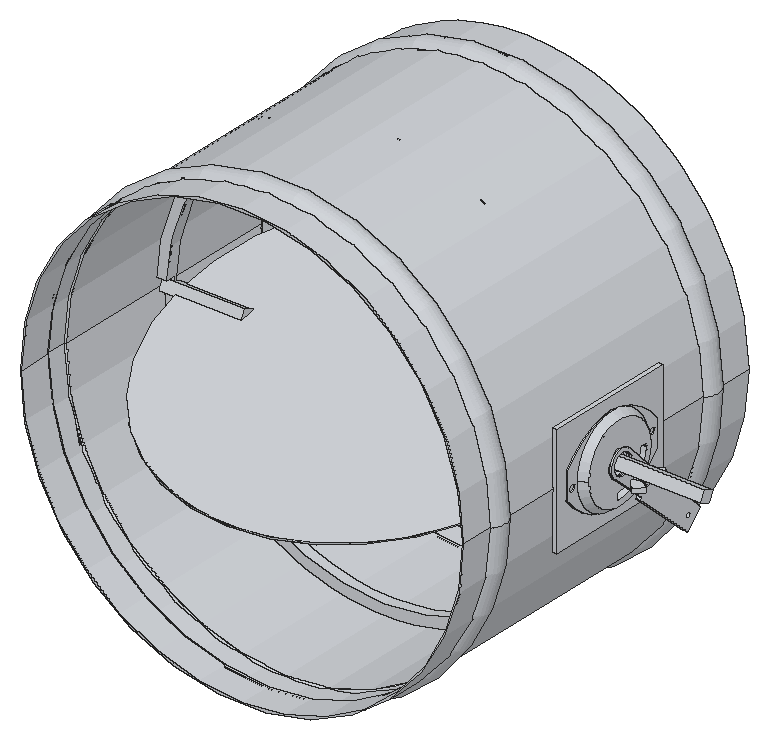
Revit family "ED-I", category Mechanical Equipment, Revit 2015
Parameters
  Void Radius [instance] = Radius - 0' 0 5/256"  # 0' - 4 251/256"
  URL = "https://unitedenertech.com/catalog/pdf/B_1%20ED-I.pdf"
  Type Comments = "Max. Size is (12\" Diameter)"
  Radius [instance] = 0.5 * Exact Diameter  # 0' - 5"
  Model = "ED-I"
  Manufacturer = "United Enertech Corporation"
  Keynote = ""
  Inner Radius [instance] = Radius - 0' 0 9/256"  # 0' - 4 247/256"
  Exact Diameter = 0' - 10"
  Description = "Manual Round Damper"
  Depth = 0' - 8"
  Blade Stop Radius [instance] = Inner Radius - 0' 0 1/4"  # 0' - 4 183/256"
  Blade Radius [instance] = Inner Radius - 0' 0 3/8"  # 0' - 4 151/256"
Reference planes (in)
  plane 1 "Center (Front/Back)": y = 0
  plane 2: z = 0
  plane 3 "Center (Left/Right)": x = 0
  plane 4: x = -5
  plane 5: x = 5
  plane 6: y = 8
  plane 7: y = 7
  plane 8: y = 1
  plane 9: x = -5.6
  plane 10: x = -3.1
  plane 11: x = 3.1
  plane 12: x = 7.27155
  plane 13: x = 5.14655
  plane 14: x = 5.27155
  plane 15: y = 4
  plane 16: y = 4.25
  plane 17: y = 3.75
  plane 18: z = -0.25
  plane 19: z = 0.25
Forms (in)
  Extrusion 1, solid
    sketch origin (0, 0, 0) x (1, 0, 0) y (0, 0, 1)
      loop
        circle (0, 0) r 5
      loop
        circle (0, 0) r 4.96484
    from 0 to -8
  Sweep 2, solid
    path origin (0, 1, 0) x (1, 0, 0) y (0, 0, 1)
      loop
        circle (0, 0) r 5
    profile "Bead Sweep : Bead Sweep" origin (0, 1, 5) x (0, 0, -1) y (0, -1, 0)
      loop
        arc (0, 0.279) -> (-0.12, 0) -> (0, -0.279) r 0.38434
        line (0, -0.279) -> (0, 0.279)
  Sweep 3, solid
    path origin (0, 7, 0) x (1, 0, 0) y (0, 0, 1)
      loop
        circle (0, 0) r 5
    profile "Bead Sweep : Bead Sweep" origin (0, 7, 5) x (0, 0, -1) y (0, -1, 0)
      loop
        arc (0, 0.279) -> (-0.12, 0) -> (0, -0.279) r 0.38434
        line (0, -0.279) -> (0, 0.279)
  Sweep 4, void
    path origin (0, 1, 0) x (1, 0, 0) y (0, 0, 1)
      loop
        circle (0, 0) r 4.98047
    profile "Bead Void Sweep : Bead Void Sweep" origin (0, 1, 4.98047) x (0, 0, -1) y (0, -1, 0)
      loop
        arc (0.15416, 0.3555) -> (-0.0841, 0) -> (0.15416, -0.3555) r 0.38434
        line (0.15416, -0.3555) -> (0.15416, 0.3555)
  Sweep 5, void
    path origin (0, 7, 0) x (1, 0, 0) y (0, 0, 1)
      loop
        circle (0, 0) r 4.98047
    profile "Bead Void Sweep : Bead Void Sweep" origin (0, 7, 4.98047) x (0, 0, -1) y (0, -1, 0)
      loop
        arc (0.15416, 0.3555) -> (-0.0841, 0) -> (0.15416, -0.3555) r 0.38434
        line (0.15416, -0.3555) -> (0.15416, 0.3555)
  Extrusion 6, solid
    sketch origin (0, 2.96472, 3.8637) x (1, 0, 0) y (0, 0.965926, 0.258819)
      loop
        circle (0, 0) r 4.58984
    from -4.01795 to -3.98205
  Extrusion 7, solid
    sketch origin (-15.25, -6.71378, 12.44542) x (0, 0.906308, -0.422618) y (0, 0.422618, 0.906308)
      loop
        line (15.09464, -6.87654) -> (15.09464, -6.62654) -> (14.84464, -6.62654) -> (14.84464, -6.87654) -> (15.09464, -6.87654)
    from 9.65 to 12.15
  Extrusion 8, solid
    sketch origin (11.25, -6.71378, 12.44542) x (0, 0.906308, -0.422618) y (0, 0.422618, 0.906308)
      loop
        line (15.09464, -6.87654) -> (15.09464, -6.62654) -> (14.84464, -6.62654) -> (14.84464, -6.87654) -> (15.09464, -6.87654)
    from -8.15 to -3.97845
  Extrusion 9, solid
    sketch origin (0, 0, 0) x (1, 0, 0) y (0, 0, 1)
      loop
        circle (0, 0) r 4.96484
      loop
        circle (0, 0) r 4.71484
    from -4.25 to -3.75
  Extrusion 10, void
    sketch origin (0, 0, 0) x (1, 0, 0) y (0, 0, 1)
      loop
        line (-4.70821, 0.25) -> (-4.95855, 0.25)
        arc (-4.95855, 0.25) -> (0, -4.96484) -> (4.95855, 0.25) r 4.96484
        line (4.95855, 0.25) -> (4.70821, 0.25)
        arc (4.70821, 0.25) -> (0, -4.71484) -> (-4.70821, 0.25) r 4.71484
    from -3.98749 to -3.75
  Extrusion 11, void
    sketch origin (0, 0, 0) x (1, 0, 0) y (0, 0, 1)
      loop
        line (4.70821, -0.25) -> (4.95855, -0.25)
        arc (4.95855, -0.25) -> (0, 4.96484) -> (-4.95855, -0.25) r 4.96484
        line (-4.95855, -0.25) -> (-4.70821, -0.25)
        arc (-4.70821, -0.25) -> (0, 4.71484) -> (4.70821, -0.25) r 4.71484
    from -4.25 to -4
Cuts and joins
  Sweep 4, Sweep 5, Extrusion 11 cuts Extrusion 1
  Sweep 5 cuts Sweep 2
  Extrusion 11 cuts Extrusion 7
  Extrusion 11 cuts Extrusion 8
  Extrusion 10, Extrusion 11 cuts Extrusion 9
Dimensions and locks (in)
  equal spacing: plane 4, plane 3 "Center (Left/Right)", plane 5
  "Exact Diameter": plane 4 to plane 5
  "Depth": plane 6 to plane 1 "Center (Front/Back)"
  locked: plane 8 to plane 1 "Center (Front/Back)" at 1
  locked: plane 6 to plane 7 at 1
  locked: plane 9 to plane 4 at 0.6
  locked: plane 4 to plane 10 at 1.9
  locked: plane 11 to plane 5 at 1.9
  locked: plane 5 to plane 12 at 2.27155
  locked: plane 5 to plane 13 at 0.14655
  locked: plane 5 to plane 14 at 0.27155
  equal spacing: plane 6, plane 15, plane 1 "Center (Front/Back)"
  locked: plane 16 to plane 15 at 0.25
  locked: plane 15 to plane 17 at 0.25
  locked: level to plane 18 at 0.25
  locked: plane 19 to level at 0.25
  "Inner Radius": radius of Extrusion 1 sketch curve
  "Radius": radius of Extrusion 1 sketch curve
  "Radius": radius of Sweep 2 sketch curve
  "Radius": radius of Sweep 3 sketch curve
  "Void Radius": radius of Sweep 4 sketch curve
  "Void Radius": radius of Sweep 5 sketch curve
  "Blade Radius": radius of Extrusion 6 sketch curve
  "Inner Radius": radius of Extrusion 9 sketch curve
  "Blade Stop Radius": radius of Extrusion 9 sketch curve
  "Inner Radius": radius of Extrusion 10 sketch curve
  "Blade Stop Radius": radius of Extrusion 10 sketch curve
  "Inner Radius": radius of Extrusion 11 sketch curve
  "Blade Stop Radius": radius of Extrusion 11 sketch curve
  aligned and locked: level to plane 2
  aligned and locked: plane 6 to Extrusion 1
  aligned and locked: plane 1 "Center (Front/Back)" to Extrusion 1
  aligned and locked: plane 10 to Extrusion 7
  aligned and locked: plane 9 to Extrusion 7
  aligned and locked: plane 11 to Extrusion 8
  aligned and locked: Extrusion 8 to plane 12
  aligned and locked: nested 1 to plane 5
  aligned and locked: plane 16 to Extrusion 9
  aligned and locked: plane 17 to Extrusion 9
  aligned and locked: plane 18 to Extrusion 11 sketch curve  (x2)
  aligned and locked: Extrusion 11 to plane 15
  aligned and locked: plane 16 to Extrusion 11
  aligned and locked: plane 19 to Extrusion 10 sketch curve  (x2)
Automatic sketch dimensions
  Extrusion 7 sketch curve to level = 0' - 0.06046"
  Extrusion 7 sketch curve to plane 17 = 0' - 0.08388"
  Extrusion 7 sketch curve to Extrusion 7 sketch curve = 0' - 0 1/4"  (x2)
  Extrusion 8 sketch curve to level = 0' - 0.06046"
  Extrusion 8 sketch curve to plane 17 = 0' - 0.08388"
  Extrusion 8 sketch curve to Extrusion 8 sketch curve = 0' - 0 1/4"  (x2)
  Extrusion 1 sketch curve to Extrusion 1 sketch curve = 0' - 0"  (x2)
  Extrusion 1 sketch curve to level = 0' - 0"
  Extrusion 1 sketch curve to plane 3 "Center (Left/Right)" = 0' - 0"
  Sweep 2 sketch curve to level = 0' - 0"
  Sweep 2 sketch curve to plane 3 "Center (Left/Right)" = 0' - 0"
  Sweep 3 sketch curve to level = 0' - 0"
  Sweep 3 sketch curve to plane 3 "Center (Left/Right)" = 0' - 0"
  Sweep 4 sketch curve to level = 0' - 0"
  Sweep 4 sketch curve to plane 3 "Center (Left/Right)" = 0' - 0"
  Sweep 5 sketch curve to level = 0' - 0"
  Sweep 5 sketch curve to plane 3 "Center (Left/Right)" = 0' - 0"
  Extrusion 6 sketch curve to plane 3 "Center (Left/Right)" = 0' - 0"
  Extrusion 9 sketch curve to Extrusion 9 sketch curve = 0' - 0"  (x2)
  Extrusion 9 sketch curve to level = 0' - 0"
  Extrusion 9 sketch curve to plane 3 "Center (Left/Right)" = 0' - 0"
  Extrusion 10 sketch curve to Extrusion 10 sketch curve = 0' - 0"  (x2)
  Extrusion 10 sketch curve to level = 0' - 0"
  Extrusion 10 sketch curve to plane 3 "Center (Left/Right)" = 0' - 0"
  Extrusion 10 sketch curve to plane 19 = 0' - 0"
  Extrusion 11 sketch curve to Extrusion 11 sketch curve = 0' - 0"  (x2)
  Extrusion 11 sketch curve to level = 0' - 0"
  Extrusion 11 sketch curve to plane 3 "Center (Left/Right)" = 0' - 0"
  Extrusion 11 sketch curve to plane 18 = 0' - 0"
Nested families (in)
  nested 1: "ED Hand Quad" at (6.34656, -3.7813, -6.51051) x (0, 1, 0) z (0, 0, 1), type "ED Hand Quad"
Definition of nested family "ED Hand Quad"
  Reference planes (in)
    plane 1 "Center (Front/Back)": y = 0
    plane 2: z = 0
    plane 3 "Center (Left/Right)": x = 0
    plane 4: y = 1.34656
  Forms (in)
    Extrusion 1, solid
      sketch origin (0, 0, 0) x (1, 0, 0) y (0, 0, 1)
        loop
          line (6.26879, 7.75544) -> (6.26879, 5.25544) -> (9.26879, 5.25544) -> (9.26879, 7.75544) -> (6.26879, 7.75544)
      from -1.25656 to -1.34656
    Extrusion 2, solid
      sketch origin (0, 0, 0) x (1, 0, 0) y (0, 0, 1)
        loop
          arc (6.51879, 6.20544) -> (7.06849, 5.72098) -> (7.76879, 5.50544) r 1.74192
          arc (7.76879, 5.50544) -> (8.46908, 5.72098) -> (9.01879, 6.20544) r 1.74192
          line (9.01879, 6.20544) -> (9.01879, 6.80544)
          arc (9.01879, 6.80544) -> (8.46908, 7.28989) -> (7.76879, 7.50544) r 1.74192
          arc (7.76879, 7.50544) -> (7.06849, 7.28989) -> (6.51879, 6.80544) r 1.74192
          line (6.51879, 6.80544) -> (6.51879, 6.20544)
      from -1.25656 to -1.20656
    Extrusion 3, void
      sketch origin (0, 0, 0) x (1, 0, 0) y (0, 0, 1)
        loop
          circle (6.64379, 6.42544) r 0.08
      from -0.9659 to -1.25656
    Extrusion 4, void
      sketch origin (15.53758, 0, 13.01087) x (-1, 0, 0) y (0, 0, -1)
        loop
          circle (6.64379, 6.42544) r 0.08
      from -0.9659 to -1.25656
    Blend 5, solid
      base sketch origin (0, 0, 0) x (1, 0, 0) y (0, 0, 1)
        loop
          circle (7.76879, 6.50544) r 0.875
      top sketch origin (0, 0, 0) x (1, 0, 0) y (0, 0, 1)
        loop
          circle (7.76879, 6.50544) r 1
      from -1.03156 to -1.20656
    Extrusion 6, void
      sketch origin (0, 0, 0) x (1, 0, 0) y (0, 0, 1)
        loop
          circle (7.76879, 6.50544) r 0.25
      from -0.81672 to -1.50902
    Extrusion 7, void
      sketch origin (0, 0, 0) x (1, 0, 0) y (0, 0, 1)
        loop
          arc (7.76879, 5.94684) -> (7.67309, 5.85114) -> (7.76879, 5.75544) r 0.0957
          arc (7.76879, 5.75544) -> (8.29912, 5.9751) -> (8.51879, 6.50544) r 0.75
          arc (8.51879, 6.50544) -> (8.42309, 6.60114) -> (8.32738, 6.50544) r 0.0957
          arc (8.32738, 6.50544) -> (8.16377, 6.11045) -> (7.76879, 5.94684) r 0.55859
      from -1.25656 to -0.89427
    Extrusion 8, solid
      sketch origin (2.97996, 0.56263, -1.61606) x (0.707107, 0, 0.707107) y (-0.707107, 0, 0.707107)
        loop
          line (8.94958, -0.48196) -> (9.31458, -0.48196) -> (9.44425, 2.33115)
          arc (9.44425, 2.33115) -> (9.13208, 2.65804) -> (8.81992, 2.33115) r 0.3125
          line (8.81992, 2.33115) -> (8.94958, -0.48196)
        loop
          circle (9.13208, 2.34554) r 0.25
        loop
          circle (9.13208, 1.69047) r 0.107
        loop
          circle (9.13208, -0.25946) r 0.0625
      from -0.46893 to -0.40893
    Blend 9, solid
      base sketch origin (2.97996, 0.56263, -1.61606) x (0.707107, 0, 0.707107) y (-0.707107, 0, 0.707107)
        loop
          circle (9.13208, 2.34554) r 0.3125
      top sketch origin (2.97996, 0, -1.61606) x (0.707107, 0, 0.707107) y (-0.707107, 0, 0.707107)
        loop
          circle (9.13208, 2.34554) r 0.25
      from -0.46893 to -1.14456
    Blend 10, void
      base sketch origin (2.97996, 0.56263, -1.61606) x (0.707107, 0, 0.707107) y (-0.707107, 0, 0.707107)
        loop
          circle (9.13208, 2.34554) r 0.28943
      top sketch origin (2.97996, 0, -1.61606) x (0.707107, 0, 0.707107) y (-0.707107, 0, 0.707107)
        loop
          circle (9.13208, 2.35367) r 0.21872
      from -0.46893 to -1.12441
    Extrusion 11, void
      sketch origin (2.97996, 0.56263, -1.61606) x (0.707107, 0, 0.707107) y (-0.707107, 0, 0.707107)
        loop
          line (9.25708, 2.22054) -> (9.25708, 2.47054) -> (9.00708, 2.47054) -> (9.00708, 2.22054) -> (9.25708, 2.22054)
      from -0.61124 to -0.37858
    Extrusion 12, solid
      sketch origin (6.878, 0, -3.58611) x (0.707107, 0, 0.707107) y (-0.707107, 0, 0.707107)
        loop
          line (7.95129, 3.66741) -> (8.01129, 3.66741) -> (8.09367, 5.45474) -> (8.03367, 5.45474) -> (7.95129, 3.66741)
      from -1.07406 to -0.97156
    Extrusion 13, solid
      sketch origin (17.86473, 0, 7.40061) x (-0.707107, 0, -0.707107) y (0.707107, 0, -0.707107)
        loop
          line (7.95129, -3.66741) -> (8.03367, -5.45474) -> (8.09367, -5.45474) -> (8.01129, -3.66741) -> (7.95129, -3.66741)
      from -1.07406 to -0.97156
    Blend 14, solid
      base sketch origin (3.11335, 0, 2.86013) x (1, 0, 0) y (0, 0, 1)
        loop
          circle (5.12035, 3.18) r 0.19
      top sketch origin (3.11335, 0, 2.86013) x (1, 0, 0) y (0, 0, 1)
        loop
          circle (5.12035, 3.18) r 0.15
      from -0.97156 to -0.81856
    Extrusion 15, void
      sketch origin (0, 0, 0) x (1, 0, 0) y (0, 0, 1)
        loop
          circle (8.24197, 6.03664) r 0.107
      from -0.97156 to -0.7798
    Extrusion 16, solid
      sketch origin (0, 0, 0) x (1, 0, 0) y (0, 0, 1)
        loop
          circle (8.24197, 6.03664) r 0.09231
      from -0.97156 to -0.75995
    Extrusion 17, solid
      sketch origin (0, 0, 0) x (1, 0, 0) y (0, 1, 0)
        loop
          arc (7.9487, 0.58056) -> (8.02609, 0.69395) -> (8.0837, 0.81856) r 0.82896
          line (8.0837, 0.81856) -> (8.0437, 0.97156)
          arc (8.0437, 0.97156) -> (7.89258, 0.88372) -> (7.7647, 0.76456) r 0.78317
          arc (7.7647, 0.76456) -> (7.84616, 0.66201) -> (7.9487, 0.58056) r 0.57513
      from 5.98664 to 6.08664
    Extrusion 18, solid
      sketch origin (16.46741, 0, 0) x (-1, 0, 0) y (0, -1, 0)
        loop
          arc (7.9487, -0.58056) -> (7.84616, -0.66201) -> (7.7647, -0.76456) r 0.57513
          arc (7.7647, -0.76456) -> (7.89258, -0.88372) -> (8.0437, -0.97156) r 0.78317
          line (8.0437, -0.97156) -> (8.0837, -0.81856)
          arc (8.0837, -0.81856) -> (8.02609, -0.69395) -> (7.9487, -0.58056) r 0.82896
      from 5.98664 to 6.08664
  Cuts and joins
    Extrusion 4, Extrusion 6 cuts Extrusion 1
    Extrusion 3, Extrusion 4, Extrusion 6, Extrusion 7 cuts Extrusion 2
    Extrusion 6, Extrusion 7 cuts Blend 5
    Blend 10, Extrusion 11 cuts Blend 9
    joined: Extrusion 8, Extrusion 12, Extrusion 13
    Extrusion 15 cuts Blend 14
  Dimensions and locks (in)
    aligned and locked: level to plane 2
